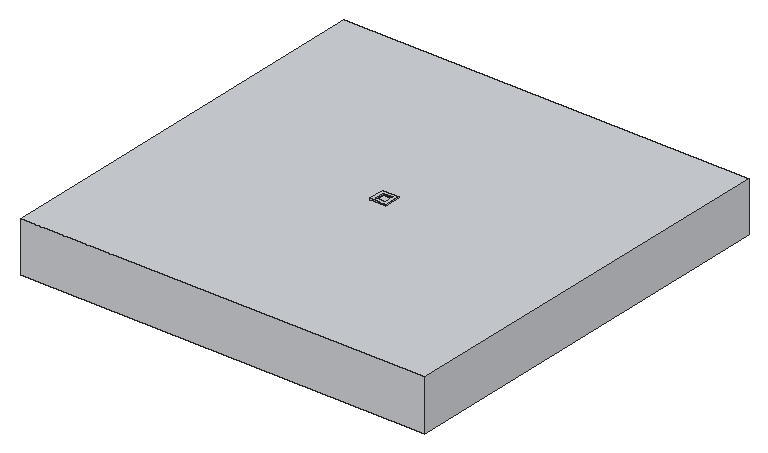
Revit family "Gira_0211631", category Elektroinstallationen, Revit 2017
Family settings
  Basisbauteil = Fläche
  Beschriftungsausrichtung beibehalten = Nein
  Bemaßung runder Anschluss = Durchmesser verwenden
  Teiletyp = Normal
  Beim Laden mit Abzugskörper schneiden = Nein
  Gemeinsam genutzt = Nein
  Raumberechnungspunkt = Nein
Parameters
  With mounting grid = no
  With hinged lid = no
  URL = "https://www.gira.de/"
  Typname = "Cov.fr. 1-g ClassiX brass"
  Type of fastening = "Clamp mounting"
  Transparent = no
  Surface protection = "Other"
  Surface finishing = "Glossy"
  Suitable for wall duct = no
  Suitable for flush-mounted installation = yes
  Suitable for floor box = no
  Suitable for built-in installation = no
  Productwebsite = "http://katalog.gira.de/en/datenblatt.html?artikelnr=0211631"
  Number of units vertical = 1
  Number of units horizontal = 1
  Number of units = 1
  Mounting direction = "Horizontal and vertical"
  Material quality = "Brass"
  Material = "Metal"
  Label space/information surface = no
  Hersteller = "Gira"
  Halogen free = no
  HAN = "0211631"
  GTIN = "4010337097013"
  Degree of protection (IP) = "IP20"
  Data sheet = "https://katalog.gira.de/en/download.html?artikelnr=0211631"
  Colour = "Brass"
  Beschreibung = "Cov.fr.1g ClX BS,Gira ClassiX cover frame,brass,1-gang,Notes :,- Each frame is unique.,- Highly-polished surface."
  Keynote = ""
  Default Elevation = 1219.2 mm
  BIM = "https://media.stage.bim.site/public/gira/ad86d9f/Espr._Rahmen_1fach.rfa"
Reference planes
  plane 1 "Center (Front/Back)": y = 0
  plane 2: z = 0
  plane 3 "Center (Left/Right)": x = 0
Forms (mm)
  Extrusion 1, solid
    sketch origin (0, 0, 0) x (1, 0, 0) y (0, 1, 0)
      loop
        line (-1219.2, 1219.2) -> (-1219.2, -1219.2) -> (1219.2, -1219.2) -> (1219.2, 1219.2) -> (-1219.2, 1219.2)
    from 0 to -304.8
  Extrusion 2, solid, detail levels fine
    sketch origin (0, 0, 0) x (1, 0, 0) y (0, 1, 0)
      loop
        line (-47.5, 47.5) -> (-47.5, -47.5) -> (47.5, -47.5) -> (47.5, 47.5) -> (-47.5, 47.5)
      loop
        arc (-28.2, -26.7) -> (-27.761, -27.761) -> (-26.7, -28.2) r 1.5
        line (-26.7, -28.2) -> (26.7, -28.2)
        arc (26.7, -28.2) -> (27.761, -27.761) -> (28.2, -26.7) r 1.5
        line (28.2, -26.7) -> (28.2, 26.7)
        arc (28.2, 26.7) -> (27.761, 27.761) -> (26.7, 28.2) r 1.5
        line (26.7, 28.2) -> (-26.7, 28.2)
        arc (-26.7, 28.2) -> (-27.761, 27.761) -> (-28.2, 26.7) r 1.5
        line (-28.2, 26.7) -> (-28.2, -26.7)
    from 0 to 6
  Extrusion 3, solid, detail levels fine
    sketch origin (0, 0, 0) x (1, 0, 0) y (0, 1, 0)
      loop
        line (-25.7, -25.7) -> (25.7, -25.7) -> (25.7, 25.7) -> (-25.7, 25.7) -> (-25.7, -25.7)
      loop
        arc (-43.1, -41.3) -> (-42.573, -42.573) -> (-41.3, -43.1) r 1.8
        line (-41.3, -43.1) -> (41.3, -43.1)
        arc (41.3, -43.1) -> (42.573, -42.573) -> (43.1, -41.3) r 1.8
        line (43.1, -41.3) -> (43.1, 41.3)
        arc (43.1, 41.3) -> (42.573, 42.573) -> (41.3, 43.1) r 1.8
        line (41.3, 43.1) -> (-41.3, 43.1)
        arc (-41.3, 43.1) -> (-42.573, 42.573) -> (-43.1, 41.3) r 1.8
        line (-43.1, 41.3) -> (-43.1, -41.3)
    from -1.9 to 0
  Extrusion 4, solid, detail levels fine
    sketch origin (0, 0, 0) x (1, 0, 0) y (0, 1, 0)
      loop
        arc (-41.4, 44.4) -> (-43.521, 43.521) -> (-44.4, 41.4) r 3
        line (-44.4, 41.4) -> (-44.4, -41.4)
        arc (-44.4, -41.4) -> (-43.521, -43.521) -> (-41.4, -44.4) r 3
        line (-41.4, -44.4) -> (41.4, -44.4)
        arc (41.4, -44.4) -> (43.521, -43.521) -> (44.4, -41.4) r 3
        line (44.4, -41.4) -> (44.4, 41.4)
        arc (44.4, 41.4) -> (43.521, 43.521) -> (41.4, 44.4) r 3
        line (41.4, 44.4) -> (-41.4, 44.4)
      loop
        line (-43.1, 41.3) -> (-43.1, -41.3)
        arc (-43.1, -41.3) -> (-42.573, -42.573) -> (-41.3, -43.1) r 1.8
        line (-41.3, -43.1) -> (41.3, -43.1)
        arc (41.3, -43.1) -> (42.573, -42.573) -> (43.1, -41.3) r 1.8
        line (43.1, -41.3) -> (43.1, 41.3)
        arc (43.1, 41.3) -> (42.573, 42.573) -> (41.3, 43.1) r 1.8
        line (41.3, 43.1) -> (-41.3, 43.1)
        arc (-41.3, 43.1) -> (-42.573, 42.573) -> (-43.1, 41.3) r 1.8
    from -3.7 to 0
  Extrusion 5, solid, detail levels medium
    sketch origin (0, 0, 0) x (1, 0, 0) y (0, 1, 0)
      loop
        line (-47.5, 47.5) -> (-47.5, -47.5) -> (47.5, -47.5) -> (47.5, 47.5) -> (-47.5, 47.5)
    from 0 to 6
  Extrusion 6, solid, detail levels medium
    sketch origin (0, 0, 0) x (1, 0, 0) y (0, 1, 0)
      loop
        line (-44.4, 44.4) -> (-44.4, -44.4) -> (44.4, -44.4) -> (44.4, 44.4) -> (-44.4, 44.4)
    from -3.7 to 0
  Extrusion 7, solid, detail levels coarse
    sketch origin (0, 0, 0) x (1, 0, 0) y (0, 1, 0)
      loop
        line (-47.5, 47.5) -> (-47.5, -47.5) -> (47.5, -47.5) -> (47.5, 47.5) -> (-47.5, 47.5)
    from -3.7 to 6
Dimensions and locks
  aligned and locked: plane 2 to Extrusion 1
  aligned and locked: level to Extrusion 1
